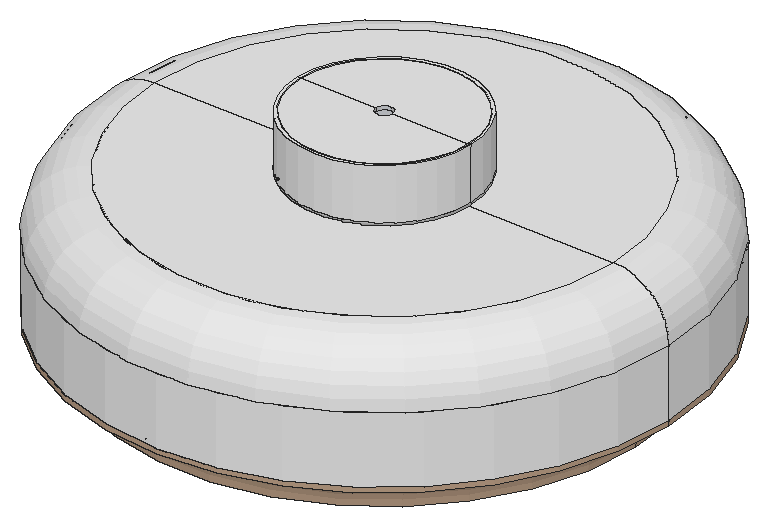
Revit family "PWR18 SHADE", category Lighting Fixtures, Revit 2024
Family settings
  Round Connector Dimension = Use Diameter
  Part Type = Normal
  OmniClass Number = 23.80.70.00
  OmniClass Title = Lighting
  Work Plane-Based = No
  Always vertical = Yes
  Cut with Voids When Loaded = No
  Light Source = No
  Maintain Annotation Orientation = No
  Shared = No
  Room Calculation Point = No
Parameters
  Default Elevation = 0' - 0"
Reference planes (in)
  plane 1 "Light Source Axis (F/B)": y = 0
  plane 2: z = 0
  plane 3 "Light Source Axis (L/R)": x = 0
  plane 4 "Light Source Elevation": z = 84
Forms (in)
  Revolve 1, solid
    sketch origin (0, 0, 0) x (1, 0, 0) y (0, 0, 1)
      loop
        line (-2.75, 90.7281) -> (-2.75, 89.1031)
        arc (-2.75, 89.1031) -> (-2.71339, 89.01471) -> (-2.625, 88.9781) r 0.125
        line (-2.625, 88.9781) -> (0, 88.9781) -> (0, 89.07185) -> (-2.625, 89.07185)
        arc (-2.625, 89.07185) -> (-2.6471, 89.081) -> (-2.65625, 89.1031) r 0.03125
        line (-2.65625, 89.1031) -> (-2.65625, 90.7281) -> (-2.75, 90.7281)
      axis (0, 90.7281) -> (0, 88.9781)
    angle from 0 to 360
  Revolve 2, solid
    sketch origin (0, 0, 0) x (1, 0, 0) y (0, 0, 1)
      loop
        line (0, 88.9781) -> (-7.25, 88.9781)
        arc (-7.25, 88.9781) -> (-8.48744, 88.46554) -> (-9, 87.2281) r 1.75
        line (-9, 87.2281) -> (-9, 85.1188) -> (-8.90625, 85.1188) -> (-8.90625, 87.2281)
        arc (-8.90625, 87.2281) -> (-8.42115, 88.39925) -> (-7.25, 88.88435) r 1.65625
        line (-7.25, 88.88435) -> (0, 88.88435) -> (0, 88.9781)
      axis (0, 88.9781) -> (0, 85.1188)
    angle from 0 to 360
  Revolve 3, solid
    sketch origin (0, 0, 0) x (1, 0, 0) y (0, 0, 1)
      loop
        arc (-9, 84.9626) -> (-8.29106, 84.6884) -> (-7.96875, 84) r 1.01971
        line (-7.96875, 84) -> (-7.40486, 84) -> (-7.40486, 85.83755) -> (-8.84236, 85.83755) -> (-8.84236, 85.1188) -> (-9, 85.1188) -> (-9, 84.9626)
      axis (0, 84) -> (0, 85.83755)
    angle from 0 to 360
  Revolve 4, solid
    sketch origin (0, 0, 0) x (1, 0, 0) y (0, 0, 1)
      loop
        line (-2.65625, 90.7281) -> (-2.65625, 89.11724) -> (-2.5625, 89.11724) -> (-2.5625, 90.63435) -> (-0.25575, 90.63435) -> (-0.25575, 90.7281) -> (-2.65625, 90.7281)
      axis (0, 90.7281) -> (0, 89.11724)
    angle from 0 to 360
Dimensions and locks (in)
  aligned and locked: level to plane 2
